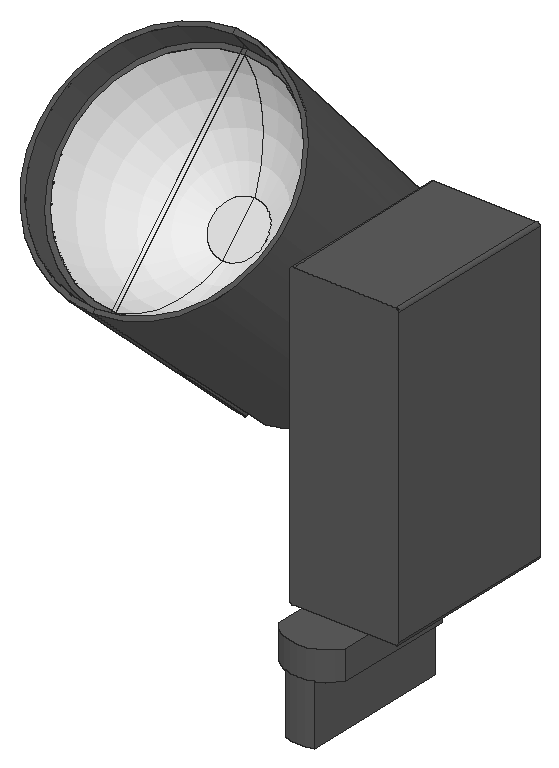
Revit family "0004857 Feilo Sylvania Lighting Fixture START TRACK SPOT L 55W 4K RA80 MB BLACK", category Lighting Fixtures, host Face, Revit 2017
Family settings
  Host = Face
  Round Connector Dimension = Use Diameter
  Part Type = Normal
  OmniClass Number = 23.80.70.00
  OmniClass Title = Lighting
  Cut with Voids When Loaded = No
  Light Source = No
  Shared = No
  Room Calculation Point = No
Parameters (values of type "0004857 START TRACK SPOT L 55W 4K RA80 MB BLACK")
  Weight = "1.398 kg"
  Wattage Comments = ""
  WarrantyStartDate [instance] = "n/a"
  WarrantyGuarantorParts = "n/a"
  WarrantyDurationUnit = "n/a"
  WarrantyDurationParts = "n/a"
  WarrantyDescription = "n/a"
  Voltage = 230 V
  URL = "http://www.sylvania-lighting.com"
  TypeName = "START TRACK SPOT L 55W 4K RA80 MB BLACK"
  TypeHead_FEILO = Start Track Spot Head : 0004857 START TRACK SPOT L 55W 4K RA80 MB BLACK
  TypeBox_FEILO = Start Track Spot Box : Type Large Black
  Type Image = <None>
  Type Comments = "n/a"
  VerticalRotation_FEILO [instance] = 0.00°
  SlideEndAngle_FEILO [instance] = VerticalRotation_FEILO + 180.00°  # 180.00°
  SerialNumber [instance] = "n/a"
  Material_3_FEILO = none
  PowerFactor = 0.96
  PowerConsumption = "55 W"
  NominalLength = 0 mm
  NominalHeight = 240 mm
  NominalDepth = 164 mm
  Name = "START TRACK SPOT L 55W 4K RA80 MB BLACK"
  ModelReference = Name  # "START TRACK SPOT L 55W 4K RA80 MB BLACK"
  ModelNumber = "0004857"
  Model = Name  # "START TRACK SPOT L 55W 4K RA80 MB BLACK"
  Material = "adc12 aluminium housing, polycarbonate diffuser"
  ManufacturerName = "Feilo Sylvania"
  Manufacturer = "Feilo Sylvania"
  LuminousEfficacy = "98 lm/W"
  LuminaireType = ""
  LightOutputRatio = "100"
  LampsType = Lamp  # "LED"
  LampNominalLuminous = "5378 lm"
  LampMacAdamStep = "3"
  LampColourTemperature = "4000 K"
  LampColourRenderingIndex = "80"
  Lamp = "LED"
  Keynote = "16500"
  InstallationDate [instance] = "n/a"
  InputVoltage = "230-240V~"
  InputNominalFrequency = "50/60 Hz"
  IngressProtection = "IP20"
  ImpactProtectionIndex = "IK02"
  IfcExportType = "IfcLightFixtureType"
  IfcExportAs = "IfcLightFixtureType"
  HorizontalRotation_FEILO [instance] = 45.00°
  ExpectedLife = 50000
  ElectricShockClassification = "Class II"
  DurationUnit = "hours"
  DocumentationLiterature = "http://www.sylvania-lighting.com/product/en-int/products/0004857"
  DimmingControlOptions = "Non dimmable"
  Material_2_FEILO = none
  Description = "Integrated LED spotlight, Textured Black - RAL9005, compact and minimalist design, ideal for retail applications, die-cast aluminium body, passive cooling heatsink. Beam angle: 38°, color temperature: 4000K , total system power: 55W, total fixture output: 5378 lm, LOR: 100%, colour rendering: Ra: 80 typical, LED Chromaticity: 3 step MacAdam ellipse, lifetime: >50000 hours at L70B50, energy class: A++, A+, A, IR/UV free light source without heat radiation, operating voltage: 220-240V / 50-60Hz, drive current: 1400mA, electronic driver, non-dimmable, power factor: 0.96, electrical protection: Class II, Global Track 3 Phase adapter suitable for Global trac 3-circuit tracks, ingress protection rating: IP20, suitable for internal environment only, horizontal rotation: 355°, vertical tilt: 90°, dimensions: Ø113x164x240, weight: 1.398kg."
  Default Elevation = 1219.2 mm
  CreatedOn = "12/12/2017"
  CreatedBy = ""
  Cost = 0
  built-in parameter 1114216 [instance] = (empty or 0)
  ClassificationValue = "EF_70_80"
  ClassificationName = "Uniclass2015"
  Material_1_FEILO = Body-Sylvania-StartTrackSpot-Black
  BarCode [instance] = "n/a"
  AssetType = "Fixed"
  AssetIdentifier [instance] = "n/a"
  Assembly Code = "D5020200"
  Apparent Load = 55 VA
  Material_4_FEILO = none
Reference planes
  plane 1 "Center (Front/Back)": y = 0
  plane 2: z = 0
  plane 3 "Center (Left/Right)": x = 0
  plane 4: x = 15
  plane 5: x = -15
  plane 6: y = 35
  plane 7: y = -35
  plane 8: z = 13
  plane 9: z = -27
  plane 10: x = 6.5
  plane 11: x = -6.5
  plane 12: y = 27
  plane 13: y = -27
  plane 14: y = 20
Forms (mm)
  Extrusion 1, solid, material "Body-Sylvania-StartTrackSpot-Black" <- "Material_1_FEILO"
    sketch origin (0, 0, 0) x (1, 0, 0) y (0, 1, 0)
      loop
        line (-15, 27) -> (-15, -27)
        arc (-15, -27) -> (0, -35) -> (15, -27) r 18.062
        line (15, -27) -> (15, 27)
        arc (15, 27) -> (0, 35) -> (-15, 27) r 18.062
    from 0 to 13
  Extrusion 2, solid, material "Body-Sylvania-StartTrackSpot-Black" <- "Material_1_FEILO"
    sketch origin (0, 0, 0) x (1, 0, 0) y (0, 1, 0)
      loop
        arc (6.5, 33.79) -> (0, 35) -> (-6.5, 33.79) r 18.062
        line (-6.5, 33.79) -> (-6.5, -33.79)
        arc (-6.5, -33.79) -> (0, -35) -> (6.5, -33.79) r 18.062
        line (6.5, -33.79) -> (6.5, 33.79)
    from 0 to -27
  Revolve 3, solid, not visible
    sketch origin (1524, 20, 1219.2) x (1, 0, 0) y (0, 0, 1)
      loop
        line (-1524, -1206.2) -> (-1524, -1191.285) -> (-1530.5, -1191.285) -> (-1530.5, -1206.2) -> (-1524, -1206.2)
      axis (-1524, -1191.285) -> (-1524, -1206.2)
    angle from 0 <- "VerticalRotation_FEILO" to 180 <- "SlideEndAngle_FEILO"
Cuts and joins
  joined: Extrusion 1, Extrusion 2
Dimensions and locks
  equal spacing: plane 10, plane 3 "Center (Left/Right)", plane 11
  equal spacing: plane 4, plane 3 "Center (Left/Right)", plane 5
  locked: plane 8 to plane 2 at 13
  locked: plane 8 to plane 9 at 40
  equal spacing: plane 13, plane 1 "Center (Front/Back)", plane 12
  locked: plane 12 to plane 6 at 8
  locked: plane 14 to plane 6 at 15
  locked: Revolve 3 sketch curve to plane 8 at 14.915
  aligned and locked: plane 2 to host face
  aligned and locked: level to host face
  aligned and locked: plane 5 to Extrusion 1 sketch curve  (x2)
  aligned and locked: plane 12 to Extrusion 1 sketch curve
  aligned and locked: plane 13 to Extrusion 1 sketch curve
  aligned and locked: plane 4 to Extrusion 1 sketch curve
  aligned and locked: Extrusion 1 to plane 8
  aligned and locked: Extrusion 1 to level
  aligned and locked: Extrusion 2 sketch curve to Extrusion 1  (x2)
  aligned and locked: Extrusion 2 sketch curve to plane 11
  aligned and locked: plane 10 to Extrusion 2 sketch curve
  aligned and locked: plane 9 to Extrusion 2
  aligned and locked: level to Extrusion 2
  aligned and locked: Revolve 3 sketch curve to plane 3 "Center (Left/Right)"  (x2)
  aligned and locked: plane 11 to Revolve 3 sketch curve
  aligned and locked: Revolve 3 sketch curve to plane 8
Automatic sketch dimensions
  host sketch curve to host sketch curve = 2438.4 mm  (x2)
  Extrusion 1 sketch curve to plane 3 "Center (Left/Right)" = 0 mm  (x2)
  Extrusion 1 sketch curve to plane 13 = 10.062 mm
  plane 12 to Extrusion 1 sketch curve = 10.062 mm
  Revolve 3 sketch curve to plane 3 "Center (Left/Right)" = 0 mm
  plane 9 to Revolve 3 sketch curve = 582.6 mm
  Revolve 3 sketch curve to Revolve 3 sketch curve = 2581.144 mm
Nested families
  nested 1: "Start Track Spot Head" at (-75.5, 20, 133) x (0, 0.7071, 0.7071) z (0, 0.7071, -0.7071), type <- "TypeHead_FEILO", type "0004857 START TRACK SPOT L 55W 4K RA80 MB BLACK"
    with built-in parameter 1114216 (empty or 0)
  nested 2: "Start Track Spot Box" at (8.5, 20, 85) x (-1, 0, 0) z (0, -1, 0), BoxStartAngle_FEILO <- "HorizontalRotation_FEILO", type <- "TypeBox_FEILO", type "Type Large Black"
    with BoxStartAngle_FEILO 45.00°, BoxEndAngle_FEILO -135.00°
Connectors
  electrical at (0, 0, 0), driven by "Apparent Load", driven by "PowerFactor", driven by "Voltage"
    settings: index 1, voltage 230 V, apparent load 55 VA, apparent load phase1 0 VA, apparent load phase2 0 VA, apparent load phase3 0 VA, power factor 0.96, load classification "Lighting", number of poles 1, system type 30, power factor state 1, is connector primary yes, connector utility no, sub classification motor no, connector description ""
Definition of nested family "Start Track Spot Head"
  Parameters (values of type "0004811 START TRACK SPOT S 14W 3K RA80 NB WHITE")
    Wattage Comments = "n/a"
    Wattage = 14 W
    built-in parameter 1150110 = 1 (stored number, unit not read)
    URL = "http://www.feilosylvania.com"
    Type Image = (empty or 0)
    Type Comments = "n/a"
    built-in parameter 1114217 = 1 (stored number, unit not read)
    Tilt Angle = -90.00°
    built-in parameter 1150109 = 1 (stored number, unit not read)
    built-in parameter 1150134 = (empty or 0)
    built-in parameter 1150113 = 1 (stored number, unit not read)
    Photometric Web File = "0004811.ies"
    Material_3_FEILO = none
    Model = "START TRACK SPOT S 14W 3K RA80 NB WHITE"
    Manufacturer = "Feilo Sylvania"
    built-in parameter 1150105 = 123.66 (stored number, unit not read)
    Lumens = 1554 lm
    built-in parameter 1150115 = 1 (stored number, unit not read)
    built-in parameter 1150137 = (empty or 0)
    built-in parameter 1150139 = (empty or 0)
    built-in parameter 1150112 = 1 (stored number, unit not read)
    built-in parameter 1150114 = 1 (stored number, unit not read)
    Lamp = "LED"
    Keynote = "16500"
    Material_2_FEILO = none
    built-in parameter 1150132 = (empty or 0)
    built-in parameter 1150102 = (empty or 0)
    built-in parameter 1150107 = 3000 (stored number, unit not read)
    built-in parameter 1150138 = (empty or 0)
    built-in parameter 1150106 = 1.2366 (stored number, unit not read)
    HeadThickness_FEILO = if(HeadDiaOut_FEILO > 112 mm, 2 mm, 1.5 mm)  # 1.5 mm
    HeadRibOffset_FEILO = HeadHeight_FEILO / 28  # 4.179 mm
    HeadRibDepth_FEILO = HeadHeight_FEILO / 2.1  # 55.714 mm
    HeadRibCutWidth_FEILO = HeadDiaOut_FEILO / 12  # 7.167 mm
    HeadRibCutOffset_FEILO = HeadHeight_FEILO / 2.3  # 50.87 mm
    HeadReflectorRadius_FEILO = HeadDiaOut_FEILO / 1.7  # 50.588 mm
    HeadReflectorOffset_FEILO = HeadHeight_FEILO / 2.1  # 55.714 mm
    HeadLEDRadius_FEILO = HeadDiaOut_FEILO / 9  # 9.556 mm
    HeadHeight_FEILO = 117 mm
    HeadDraft_FEILO = 1 mm
    HeadDiffusorThickness_FEILO = 3 mm
    HeadDiffusorOffset_FEILO = HeadHeight_FEILO / 12.4  # 9.435 mm
    HeadDiaOut_FEILO = 86 mm
    HeadDiaIn_FEILO = HeadDiaOut_FEILO / 1.11  # 77.477 mm
    HeadAxisFromTop_FEILO = HeadHeight_FEILO / 1.687  # 69.354 mm
    Emit from Circle Diameter = HeadDiaIn_FEILO  # 77.477 mm
    Emit Shape Visible in Rendering = no
    built-in parameter 1150104 = 10.312 (stored number, unit not read)
    Dimming Lamp Color Temperature Shift = (empty or 0)
    Description = "Integrated LED spotlight, Textured White - RAL9016, compact and minimalist design, ideal for retail applications, die-cast aluminium body, passive cooling heatsink. Beam angle: 12°, color temperature: 3000K , total system power: 14W, total fixture output: 1551 lm, LOR: 100%, colour rendering: Ra: 80 typical, LED Chromaticity: 3 step MacAdam ellipse, lifetime: >50000 hours at L70B50, energy class: A++, A+, A, IR/UV free light source without heat radiation, operating voltage: 220-240V / 50-60Hz, drive current: 350mA, electronic driver, non-dimmable, power factor: 0.92, electrical protection: Class II, Global Track 3 Phase adapter suitable for Global trac 3-circuit tracks, ingress protection rating: IP20, suitable for internal environment only, horizontal rotation: 355°, vertical tilt: 90°, dimensions: Ø86x140x200, weight: 0.940kg."
    Default Elevation = 1219.2 mm
    Cost = 0
    Color Filter = 16777215
    built-in parameter 1114216 [instance] = (empty or 0)
    Material_1_FEILO = none
    built-in parameter 1114218 = 1 (stored number, unit not read)
    built-in parameter 1150133 = 10 (stored number, unit not read)
    Assembly Code = "D5020200"
    Apparent Load = 14 VA
    Material_4_FEILO = none
  Types (96, lengths in mm): name | Wattage | built-in parameter 1150134 | Photometric Web File | Model | built-in parameter 1150105 | Lumens | built-in parameter 1150107 | built-in parameter 1150106 | HeadThickness_FEILO | HeadRibOffset_FEILO | HeadRibDepth_FEILO | HeadRibCutWidth_FEILO | HeadRibCutOffset_FEILO | HeadReflectorRadius_FEILO | HeadReflectorOffset_FEILO | HeadLEDRadius_FEILO | HeadHeight_FEILO | HeadDiffusorOffset_FEILO | HeadDiaOut_FEILO | HeadDiaIn_FEILO | HeadAxisFromTop_FEILO | Emit from Circle Diameter | built-in parameter 1150104 | Description | Apparent Load
    0004906 START TRACK SPOT L 55W 4K RA90 WB BLACK | 55 W | 12 | "0004906.ies" | "START TRACK SPOT L 55W 4K RA90 WB BLACK" | 385.15 (stored number, unit not read) | 4840 lm | 4000 (stored number, unit not read) | 3.8515 (stored number, unit not read) | 2 | 4.429 | 59.048 | 9.417 | 53.913 | 66.471 | 59.048 | 12.556 | 124 | 10 | 113 | 101.802 | 73.503 | 101.802 | 8.1755 (stored number, unit not read) | "Integrated LED spotlight, Textured Black - RAL9005, compact and minimalist design, ideal for retail applications, die-cast aluminium body, passive cooling heatsink. Beam angle: 52°, color temperature: 4000K , total system power: 55W, total fixture output: 4824 lm, LOR: 100%, colour rendering: Ra: 90 typical, LED Chromaticity: 3 step MacAdam ellipse, lifetime: >50000 hours at L70B50, energy class: A++, A+, A, IR/UV free light source without heat radiation, operating voltage: 220-240V / 50-60Hz, drive current: 1400mA, electronic driver, non-dimmable, power factor: 0.96, electrical protection: Class II, Global Track 3 Phase adapter suitable for Global trac 3-circuit tracks, ingress protection rating: IP20, suitable for internal environment only, horizontal rotation: 355°, vertical tilt: 90°, dimensions: Ø113x164x240, weight: 1.398kg." | 55 VA
    0004905 START TRACK SPOT L 55W 4K RA90 MB BLACK | 55 W | 12 | "0004905.ies" | "START TRACK SPOT L 55W 4K RA90 MB BLACK" | 389.53 (stored number, unit not read) | 4895 lm | 4000 (stored number, unit not read) | 3.8953 (stored number, unit not read) | 2 | 4.429 | 59.048 | 9.417 | 53.913 | 66.471 | 59.048 | 12.556 | 124 | 10 | 113 | 101.802 | 73.503 | 101.802 | 8.2684 (stored number, unit not read) | "Integrated LED spotlight, Textured Black - RAL9005, compact and minimalist design, ideal for retail applications, die-cast aluminium body, passive cooling heatsink. Beam angle: 38°, color temperature: 4000K , total system power: 55W, total fixture output: 4897 lm, LOR: 100%, colour rendering: Ra: 90 typical, LED Chromaticity: 3 step MacAdam ellipse, lifetime: >50000 hours at L70B50, energy class: A++, A+, A, IR/UV free light source without heat radiation, operating voltage: 220-240V / 50-60Hz, drive current: 1400mA, electronic driver, non-dimmable, power factor: 0.96, electrical protection: Class II, Global Track 3 Phase adapter suitable for Global trac 3-circuit tracks, ingress protection rating: IP20, suitable for internal environment only, horizontal rotation: 355°, vertical tilt: 90°, dimensions: Ø113x164x240, weight: 1.398kg." | 55 VA
    0004904 START TRACK SPOT L 55W 4K RA90 NB BLACK | 55 W | 12 | "0004904.ies" | "START TRACK SPOT L 55W 4K RA90 NB BLACK" | 393.91 (stored number, unit not read) | 4950 lm | 4000 (stored number, unit not read) | 3.9391 (stored number, unit not read) | 2 | 4.429 | 59.048 | 9.417 | 53.913 | 66.471 | 59.048 | 12.556 | 124 | 10 | 113 | 101.802 | 73.503 | 101.802 | 8.3613 (stored number, unit not read) | "Integrated LED spotlight, Textured Black - RAL9005, compact and minimalist design, ideal for retail applications, die-cast aluminium body, passive cooling heatsink. Beam angle: 15°, color temperature: 4000K , total system power: 55W, total fixture output: 4965 lm, LOR: 100%, colour rendering: Ra: 90 typical, LED Chromaticity: 3 step MacAdam ellipse, lifetime: >50000 hours at L70B50, energy class: A++, A+, A, IR/UV free light source without heat radiation, operating voltage: 220-240V / 50-60Hz, drive current: 1400mA, electronic driver, non-dimmable, power factor: 0.96, electrical protection: Class II, Global Track 3 Phase adapter suitable for Global trac 3-circuit tracks, ingress protection rating: IP20, suitable for internal environment only, horizontal rotation: 355°, vertical tilt: 90°, dimensions: Ø113x164x240, weight: 1.398kg." | 55 VA
    0004903 START TRACK SPOT L 35W 4K RA90 WB BLACK | 35 W | 12 | "0004903.ies" | "START TRACK SPOT L 35W 4K RA90 WB BLACK" | 284.09 (stored number, unit not read) | 3570 lm | 4000 (stored number, unit not read) | 2.8409 (stored number, unit not read) | 2 | 4.429 | 59.048 | 9.417 | 53.913 | 66.471 | 59.048 | 12.556 | 124 | 10 | 113 | 101.802 | 73.503 | 101.802 | 9.4761 (stored number, unit not read) | "Integrated LED spotlight, Textured Black - RAL9005, compact and minimalist design, ideal for retail applications, die-cast aluminium body, passive cooling heatsink. Beam angle: 52°, color temperature: 4000K , total system power: 35W, total fixture output: 3562 lm, LOR: 100%, colour rendering: Ra: 90 typical, LED Chromaticity: 3 step MacAdam ellipse, lifetime: >50000 hours at L70B50, energy class: A++, A+, A, IR/UV free light source without heat radiation, operating voltage: 220-240V / 50-60Hz, drive current: 900mA, electronic driver, non-dimmable, power factor: 0.93, electrical protection: Class II, Global Track 3 Phase adapter suitable for Global trac 3-circuit tracks, ingress protection rating: IP20, suitable for internal environment only, horizontal rotation: 355°, vertical tilt: 90°, dimensions: Ø113x164x240, weight: 1.368kg." | 35 VA
    0004902 START TRACK SPOT L 35W 4K RA90 MB BLACK | 35 W | 12 | "0004902.ies" | "START TRACK SPOT L 35W 4K RA90 MB BLACK" | 286.88 (stored number, unit not read) | 3605 lm | 4000 (stored number, unit not read) | 2.8688 (stored number, unit not read) | 2 | 4.429 | 59.048 | 9.417 | 53.913 | 66.471 | 59.048 | 12.556 | 124 | 10 | 113 | 101.802 | 73.503 | 101.802 | 9.569 (stored number, unit not read) | "Integrated LED spotlight, Textured Black - RAL9005, compact and minimalist design, ideal for retail applications, die-cast aluminium body, passive cooling heatsink. Beam angle: 38°, color temperature: 4000K , total system power: 35W, total fixture output: 3616 lm, LOR: 100%, colour rendering: Ra: 90 typical, LED Chromaticity: 3 step MacAdam ellipse, lifetime: >50000 hours at L70B50, energy class: A++, A+, A, IR/UV free light source without heat radiation, operating voltage: 220-240V / 50-60Hz, drive current: 900mA, electronic driver, non-dimmable, power factor: 0.93, electrical protection: Class II, Global Track 3 Phase adapter suitable for Global trac 3-circuit tracks, ingress protection rating: IP20, suitable for internal environment only, horizontal rotation: 355°, vertical tilt: 90°, dimensions: Ø113x164x240, weight: 1.368kg." | 35 VA
    0004901 START TRACK SPOT L 35W 4K RA90 NB BLACK | 35 W | 12 | "0004901.ies" | "START TRACK SPOT L 35W 4K RA90 NB BLACK" | 286.88 (stored number, unit not read) | 3605 lm | 4000 (stored number, unit not read) | 2.8688 (stored number, unit not read) | 2 | 4.429 | 59.048 | 9.417 | 53.913 | 66.471 | 59.048 | 12.556 | 124 | 10 | 113 | 101.802 | 73.503 | 101.802 | 9.569 (stored number, unit not read) | "Integrated LED spotlight, Textured Black - RAL9005, compact and minimalist design, ideal for retail applications, die-cast aluminium body, passive cooling heatsink. Beam angle: 15°, color temperature: 4000K , total system power: 35W, total fixture output: 3593 lm, LOR: 100%, colour rendering: Ra: 90 typical, LED Chromaticity: 3 step MacAdam ellipse, lifetime: >50000 hours at L70B50, energy class: A++, A+, A, IR/UV free light source without heat radiation, operating voltage: 220-240V / 50-60Hz, drive current: 900mA, electronic driver, non-dimmable, power factor: 0.93, electrical protection: Class II, Global Track 3 Phase adapter suitable for Global trac 3-circuit tracks, ingress protection rating: IP20, suitable for internal environment only, horizontal rotation: 355°, vertical tilt: 90°, dimensions: Ø113x164x240, weight: 1.368kg." | 35 VA
    0004900 START TRACK SPOT S 24W 4K RA90 WB BLACK | 24 W | 12 | "0004900.ies" | "START TRACK SPOT S 24W 4K RA90 WB BLACK" | 166.16 (stored number, unit not read) | 2088 lm | 4000 (stored number, unit not read) | 1.6616 (stored number, unit not read) | 1.5 | 4.179 | 55.714 | 7.167 | 50.87 | 50.588 | 55.714 | 9.556 | 117 | 9.435 | 86 | 77.477 | 69.354 | 77.477 | 8.0826 (stored number, unit not read) | "Integrated LED spotlight, Textured Black - RAL9005, compact and minimalist design, ideal for retail applications, die-cast aluminium body, passive cooling heatsink. Beam angle: 64°, color temperature: 4000K , total system power: 24W, total fixture output: 2087 lm, LOR: 100%, colour rendering: Ra: 90 typical, LED Chromaticity: 3 step MacAdam ellipse, lifetime: >50000 hours at L70B50, energy class: A++, A+, A, IR/UV free light source without heat radiation, operating voltage: 220-240V / 50-60Hz, drive current: 600mA, electronic driver, non-dimmable, power factor: 0.95, electrical protection: Class II, Global Track 3 Phase adapter suitable for Global trac 3-circuit tracks, ingress protection rating: IP20, suitable for internal environment only, horizontal rotation: 355°, vertical tilt: 90°, dimensions: Ø86x140x200, weight: 0.966kg." | 24 VA
    0004899 START TRACK SPOT S 24W 4K RA90 MB BLACK | 24 W | 12 | "0004899.ies" | "START TRACK SPOT S 24W 4K RA90 MB BLACK" | 169.98 (stored number, unit not read) | 2136 lm | 4000 (stored number, unit not read) | 1.6998 (stored number, unit not read) | 1.5 | 4.179 | 55.714 | 7.167 | 50.87 | 50.588 | 55.714 | 9.556 | 117 | 9.435 | 86 | 77.477 | 69.354 | 77.477 | 8.2684 (stored number, unit not read) | "Integrated LED spotlight, Textured Black - RAL9005, compact and minimalist design, ideal for retail applications, die-cast aluminium body, passive cooling heatsink. Beam angle: 36°, color temperature: 4000K , total system power: 24W, total fixture output: 2141 lm, LOR: 100%, colour rendering: Ra: 90 typical, LED Chromaticity: 3 step MacAdam ellipse, lifetime: >50000 hours at L70B50, energy class: A++, A+, A, IR/UV free light source without heat radiation, operating voltage: 220-240V / 50-60Hz, drive current: 600mA, electronic driver, non-dimmable, power factor: 0.95, electrical protection: Class II, Global Track 3 Phase adapter suitable for Global trac 3-circuit tracks, ingress protection rating: IP20, suitable for internal environment only, horizontal rotation: 355°, vertical tilt: 90°, dimensions: Ø86x140x200, weight: 0.966kg." | 24 VA
    0004898 START TRACK SPOT S 24W 4K RA90 NB BLACK | 24 W | 12 | "0004898.ies" | "START TRACK SPOT S 24W 4K RA90 NB BLACK" | 171.89 (stored number, unit not read) | 2160 lm | 4000 (stored number, unit not read) | 1.7189 (stored number, unit not read) | 1.5 | 4.179 | 55.714 | 7.167 | 50.87 | 50.588 | 55.714 | 9.556 | 117 | 9.435 | 86 | 77.477 | 69.354 | 77.477 | 8.3613 (stored number, unit not read) | "Integrated LED spotlight, Textured Black - RAL9005, compact and minimalist design, ideal for retail applications, die-cast aluminium body, passive cooling heatsink. Beam angle: 12°, color temperature: 4000K , total system power: 24W, total fixture output: 2155 lm, LOR: 100%, colour rendering: Ra: 90 typical, LED Chromaticity: 3 step MacAdam ellipse, lifetime: >50000 hours at L70B50, energy class: A++, A+, A, IR/UV free light source without heat radiation, operating voltage: 220-240V / 50-60Hz, drive current: 600mA, electronic driver, non-dimmable, power factor: 0.95, electrical protection: Class II, Global Track 3 Phase adapter suitable for Global trac 3-circuit tracks, ingress protection rating: IP20, suitable for internal environment only, horizontal rotation: 355°, vertical tilt: 90°, dimensions: Ø86x140x200, weight: 0.966kg." | 24 VA
    0004897 START TRACK SPOT S 14W 4K RA90 WB BLACK | 14 W | 12 | "0004897.ies" | "START TRACK SPOT S 14W 4K RA90 WB BLACK" | 108.07 (stored number, unit not read) | 1358 lm | 4000 (stored number, unit not read) | 1.0807 (stored number, unit not read) | 1.5 | 4.179 | 55.714 | 7.167 | 50.87 | 50.588 | 55.714 | 9.556 | 117 | 9.435 | 86 | 77.477 | 69.354 | 77.477 | 9.0116 (stored number, unit not read) | "Integrated LED spotlight, Textured Black - RAL9005, compact and minimalist design, ideal for retail applications, die-cast aluminium body, passive cooling heatsink. Beam angle: 64°, color temperature: 4000K , total system power: 14W, total fixture output: 1352 lm, LOR: 100%, colour rendering: Ra: 90 typical, LED Chromaticity: 3 step MacAdam ellipse, lifetime: >50000 hours at L70B50, energy class: A++, A+, A, IR/UV free light source without heat radiation, operating voltage: 220-240V / 50-60Hz, drive current: 350mA, electronic driver, non-dimmable, power factor: 0.92, electrical protection: Class II, Global Track 3 Phase adapter suitable for Global trac 3-circuit tracks, ingress protection rating: IP20, suitable for internal environment only, horizontal rotation: 355°, vertical tilt: 90°, dimensions: Ø86x140x200, weight: 0.940kg." | 14 VA
    0004896 START TRACK SPOT S 14W 4K RA90 MB BLACK | 14 W | 12 | "0004896.ies" | "START TRACK SPOT S 14W 4K RA90 MB BLACK" | 108.07 (stored number, unit not read) | 1358 lm | 4000 (stored number, unit not read) | 1.0807 (stored number, unit not read) | 1.5 | 4.179 | 55.714 | 7.167 | 50.87 | 50.588 | 55.714 | 9.556 | 117 | 9.435 | 86 | 77.477 | 69.354 | 77.477 | 9.0116 (stored number, unit not read) | "Integrated LED spotlight, Textured Black - RAL9005, compact and minimalist design, ideal for retail applications, die-cast aluminium body, passive cooling heatsink. Beam angle: 36°, color temperature: 4000K , total system power: 14W, total fixture output: 1359 lm, LOR: 100%, colour rendering: Ra: 90 typical, LED Chromaticity: 3 step MacAdam ellipse, lifetime: >50000 hours at L70B50, energy class: A++, A+, A, IR/UV free light source without heat radiation, operating voltage: 220-240V / 50-60Hz, drive current: 350mA, electronic driver, non-dimmable, power factor: 0.92, electrical protection: Class II, Global Track 3 Phase adapter suitable for Global trac 3-circuit tracks, ingress protection rating: IP20, suitable for internal environment only, horizontal rotation: 355°, vertical tilt: 90°, dimensions: Ø86x140x200, weight: 0.940kg." | 14 VA
    0004895 START TRACK SPOT S 14W 4K RA90 NB BLACK | 14 W | 12 | "0004895.ies" | "START TRACK SPOT S 14W 4K RA90 NB BLACK" | 106.95 (stored number, unit not read) | 1344 lm | 4000 (stored number, unit not read) | 1.0695 (stored number, unit not read) | 1.5 | 4.179 | 55.714 | 7.167 | 50.87 | 50.588 | 55.714 | 9.556 | 117 | 9.435 | 86 | 77.477 | 69.354 | 77.477 | 8.9187 (stored number, unit not read) | "Integrated LED spotlight, Textured Black - RAL9005, compact and minimalist design, ideal for retail applications, die-cast aluminium body, passive cooling heatsink. Beam angle: 12°, color temperature: 4000K , total system power: 14W, total fixture output: 1349 lm, LOR: 100%, colour rendering: Ra: 90 typical, LED Chromaticity: 3 step MacAdam ellipse, lifetime: >50000 hours at L70B50, energy class: A++, A+, A, IR/UV free light source without heat radiation, operating voltage: 220-240V / 50-60Hz, drive current: 350mA, electronic driver, non-dimmable, power factor: 0.92, electrical protection: Class II, Global Track 3 Phase adapter suitable for Global trac 3-circuit tracks, ingress protection rating: IP20, suitable for internal environment only, horizontal rotation: 355°, vertical tilt: 90°, dimensions: Ø86x140x200, weight: 0.940kg." | 14 VA
    0004894 START TRACK SPOT L 55W 3K RA90 WB BLACK | 55 W | (empty or 0) | "0004894.ies" | "START TRACK SPOT L 55W 3K RA90 WB BLACK" | 350.14 (stored number, unit not read) | 4400 lm | 3000 (stored number, unit not read) | 3.5014 (stored number, unit not read) | 2 | 4.429 | 59.048 | 9.417 | 53.913 | 66.471 | 59.048 | 12.556 | 124 | 10 | 113 | 101.802 | 73.503 | 101.802 | 7.4322 (stored number, unit not read) | "Integrated LED spotlight, Textured Black - RAL9005, compact and minimalist design, ideal for retail applications, die-cast aluminium body, passive cooling heatsink. Beam angle: 52°, color temperature: 3000K , total system power: 55W, total fixture output: 4405 lm, LOR: 100%, colour rendering: Ra: 90 typical, LED Chromaticity: 3 step MacAdam ellipse, lifetime: >50000 hours at L70B50, energy class: A++, A+, A, IR/UV free light source without heat radiation, operating voltage: 220-240V / 50-60Hz, drive current: 1400mA, electronic driver, non-dimmable, power factor: 0.96, electrical protection: Class II, Global Track 3 Phase adapter suitable for Global trac 3-circuit tracks, ingress protection rating: IP20, suitable for internal environment only, horizontal rotation: 355°, vertical tilt: 90°, dimensions: Ø113x164x240, weight: 1.398kg." | 55 VA
    0004893 START TRACK SPOT L 55W 3K RA90 MB BLACK | 55 W | (empty or 0) | "0004893.ies" | "START TRACK SPOT L 55W 3K RA90 MB BLACK" | 354.52 (stored number, unit not read) | 4455 lm | 3000 (stored number, unit not read) | 3.5452 (stored number, unit not read) | 2 | 4.429 | 59.048 | 9.417 | 53.913 | 66.471 | 59.048 | 12.556 | 124 | 10 | 113 | 101.802 | 73.503 | 101.802 | 7.5251 (stored number, unit not read) | "Integrated LED spotlight, Textured Black - RAL9005, compact and minimalist design, ideal for retail applications, die-cast aluminium body, passive cooling heatsink. Beam angle: 38°, color temperature: 3000K , total system power: 55W, total fixture output: 4448 lm, LOR: 100%, colour rendering: Ra: 90 typical, LED Chromaticity: 3 step MacAdam ellipse, lifetime: >50000 hours at L70B50, energy class: A++, A+, A, IR/UV free light source without heat radiation, operating voltage: 220-240V / 50-60Hz, drive current: 1400mA, electronic driver, non-dimmable, power factor: 0.96, electrical protection: Class II, Global Track 3 Phase adapter suitable for Global trac 3-circuit tracks, ingress protection rating: IP20, suitable for internal environment only, horizontal rotation: 355°, vertical tilt: 90°, dimensions: Ø113x164x240, weight: 1.398kg." | 55 VA
    0004892 START TRACK SPOT L 55W 3K RA90 NB BLACK | 55 W | (empty or 0) | "0004892.ies" | "START TRACK SPOT L 55W 3K RA90 NB BLACK" | 350.14 (stored number, unit not read) | 4400 lm | 3000 (stored number, unit not read) | 3.5014 (stored number, unit not read) | 2 | 4.429 | 59.048 | 9.417 | 53.913 | 66.471 | 59.048 | 12.556 | 124 | 10 | 113 | 101.802 | 73.503 | 101.802 | 7.4322 (stored number, unit not read) | "Integrated LED spotlight, Textured Black - RAL9005, compact and minimalist design, ideal for retail applications, die-cast aluminium body, passive cooling heatsink. Beam angle: 15°, color temperature: 3000K , total system power: 55W, total fixture output: 4416 lm, LOR: 100%, colour rendering: Ra: 90 typical, LED Chromaticity: 3 step MacAdam ellipse, lifetime: >50000 hours at L70B50, energy class: A++, A+, A, IR/UV free light source without heat radiation, operating voltage: 220-240V / 50-60Hz, drive current: 1400mA, electronic driver, non-dimmable, power factor: 0.96, electrical protection: Class II, Global Track 3 Phase adapter suitable for Global trac 3-circuit tracks, ingress protection rating: IP20, suitable for internal environment only, horizontal rotation: 355°, vertical tilt: 90°, dimensions: Ø113x164x240, weight: 1.398kg." | 55 VA
    0004891 START TRACK SPOT L 35W 3K RA90 WB BLACK | 35 W | (empty or 0) | "0004891.ies" | "START TRACK SPOT L 35W 3K RA90 WB BLACK" | 259.02 (stored number, unit not read) | 3255 lm | 3000 (stored number, unit not read) | 2.5902 (stored number, unit not read) | 2 | 4.429 | 59.048 | 9.417 | 53.913 | 66.471 | 59.048 | 12.556 | 124 | 10 | 113 | 101.802 | 73.503 | 101.802 | 8.64 (stored number, unit not read) | "Integrated LED spotlight, Textured Black - RAL9005, compact and minimalist design, ideal for retail applications, die-cast aluminium body, passive cooling heatsink. Beam angle: 52°, color temperature: 3000K , total system power: 35W, total fixture output: 3260 lm, LOR: 100%, colour rendering: Ra: 90 typical, LED Chromaticity: 3 step MacAdam ellipse, lifetime: >50000 hours at L70B50, energy class: A++, A+, A, IR/UV free light source without heat radiation, operating voltage: 220-240V / 50-60Hz, drive current: 900mA, electronic driver, non-dimmable, power factor: 0.93, electrical protection: Class II, Global Track 3 Phase adapter suitable for Global trac 3-circuit tracks, ingress protection rating: IP20, suitable for internal environment only, horizontal rotation: 355°, vertical tilt: 90°, dimensions: Ø113x164x240, weight: 1.368kg." | 35 VA
    0004890 START TRACK SPOT L 35W 3K RA90 MB BLACK | 35 W | (empty or 0) | "0004890.ies" | "START TRACK SPOT L 35W 3K RA90 MB BLACK" | 261.81 (stored number, unit not read) | 3290 lm | 3000 (stored number, unit not read) | 2.6181 (stored number, unit not read) | 2 | 4.429 | 59.048 | 9.417 | 53.913 | 66.471 | 59.048 | 12.556 | 124 | 10 | 113 | 101.802 | 73.503 | 101.802 | 8.7329 (stored number, unit not read) | "Integrated LED spotlight, Textured Black - RAL9005, compact and minimalist design, ideal for retail applications, die-cast aluminium body, passive cooling heatsink. Beam angle: 38°, color temperature: 3000K , total system power: 35W, total fixture output: 3306 lm, LOR: 100%, colour rendering: Ra: 90 typical, LED Chromaticity: 3 step MacAdam ellipse, lifetime: >50000 hours at L70B50, energy class: A++, A+, A, IR/UV free light source without heat radiation, operating voltage: 220-240V / 50-60Hz, drive current: 900mA, electronic driver, non-dimmable, power factor: 0.93, electrical protection: Class II, Global Track 3 Phase adapter suitable for Global trac 3-circuit tracks, ingress protection rating: IP20, suitable for internal environment only, horizontal rotation: 355°, vertical tilt: 90°, dimensions: Ø113x164x240, weight: 1.368kg." | 35 VA
    0004889 START TRACK SPOT L 35W 3K RA90 NB BLACK | 35 W | (empty or 0) | "0004889.ies" | "START TRACK SPOT L 35W 3K RA90 NB BLACK" | 261.81 (stored number, unit not read) | 3290 lm | 3000 (stored number, unit not read) | 2.6181 (stored number, unit not read) | 2 | 4.429 | 59.048 | 9.417 | 53.913 | 66.471 | 59.048 | 12.556 | 124 | 10 | 113 | 101.802 | 73.503 | 101.802 | 8.7329 (stored number, unit not read) | "Integrated LED spotlight, Textured Black - RAL9005, compact and minimalist design, ideal for retail applications, die-cast aluminium body, passive cooling heatsink. Beam angle: 15°, color temperature: 3000K , total system power: 35W, total fixture output: 3287 lm, LOR: 100%, colour rendering: Ra: 90 typical, LED Chromaticity: 3 step MacAdam ellipse, lifetime: >50000 hours at L70B50, energy class: A++, A+, A, IR/UV free light source without heat radiation, operating voltage: 220-240V / 50-60Hz, drive current: 900mA, electronic driver, non-dimmable, power factor: 0.93, electrical protection: Class II, Global Track 3 Phase adapter suitable for Global trac 3-circuit tracks, ingress protection rating: IP20, suitable for internal environment only, horizontal rotation: 355°, vertical tilt: 90°, dimensions: Ø113x164x240, weight: 1.368kg." | 35 VA
    0004888 START TRACK SPOT S 24W 3K RA90 WB BLACK | 24 W | (empty or 0) | "0004888.ies" | "START TRACK SPOT S 24W 3K RA90 WB BLACK" | 152.79 (stored number, unit not read) | 1920 lm | 3000 (stored number, unit not read) | 1.5279 (stored number, unit not read) | 1.5 | 4.179 | 55.714 | 7.167 | 50.87 | 50.588 | 55.714 | 9.556 | 117 | 9.435 | 86 | 77.477 | 69.354 | 77.477 | 7.4322 (stored number, unit not read) | "Integrated LED spotlight, Textured Black - RAL9005, compact and minimalist design, ideal for retail applications, die-cast aluminium body, passive cooling heatsink. Beam angle: 64°, color temperature: 3000K , total system power: 24W, total fixture output: 1928 lm, LOR: 100%, colour rendering: Ra: 90 typical, LED Chromaticity: 3 step MacAdam ellipse, lifetime: >50000 hours at L70B50, energy class: A++, A+, A, IR/UV free light source without heat radiation, operating voltage: 220-240V / 50-60Hz, drive current: 600mA, electronic driver, non-dimmable, power factor: 0.95, electrical protection: Class II, Global Track 3 Phase adapter suitable for Global trac 3-circuit tracks, ingress protection rating: IP20, suitable for internal environment only, horizontal rotation: 355°, vertical tilt: 90°, dimensions: Ø86x140x200, weight: 0.966kg." | 24 VA
    0004887 START TRACK SPOT S 24W 3K RA90 MB BLACK | 24 W | (empty or 0) | "0004887.ies" | "START TRACK SPOT S 24W 3K RA90 MB BLACK" | 154.7 (stored number, unit not read) | 1944 lm | 3000 (stored number, unit not read) | 1.547 (stored number, unit not read) | 1.5 | 4.179 | 55.714 | 7.167 | 50.87 | 50.588 | 55.714 | 9.556 | 117 | 9.435 | 86 | 77.477 | 69.354 | 77.477 | 7.5251 (stored number, unit not read) | "Integrated LED spotlight, Textured Black - RAL9005, compact and minimalist design, ideal for retail applications, die-cast aluminium body, passive cooling heatsink. Beam angle: 36°, color temperature: 3000K , total system power: 24W, total fixture output: 1944 lm, LOR: 100%, colour rendering: Ra: 90 typical, LED Chromaticity: 3 step MacAdam ellipse, lifetime: >50000 hours at L70B50, energy class: A++, A+, A, IR/UV free light source without heat radiation, operating voltage: 220-240V / 50-60Hz, drive current: 600mA, electronic driver, non-dimmable, power factor: 0.95, electrical protection: Class II, Global Track 3 Phase adapter suitable for Global trac 3-circuit tracks, ingress protection rating: IP20, suitable for internal environment only, horizontal rotation: 355°, vertical tilt: 90°, dimensions: Ø86x140x200, weight: 0.966kg." | 24 VA
    0004886 START TRACK SPOT S 24W 3K RA90 NB BLACK | 24 W | (empty or 0) | "0004886.ies" | "START TRACK SPOT S 24W 3K RA90 NB BLACK" | 158.52 (stored number, unit not read) | 1992 lm | 3000 (stored number, unit not read) | 1.5852 (stored number, unit not read) | 1.5 | 4.179 | 55.714 | 7.167 | 50.87 | 50.588 | 55.714 | 9.556 | 117 | 9.435 | 86 | 77.477 | 69.354 | 77.477 | 7.711 (stored number, unit not read) | "Integrated LED spotlight, Textured Black - RAL9005, compact and minimalist design, ideal for retail applications, die-cast aluminium body, passive cooling heatsink. Beam angle: 12°, color temperature: 3000K , total system power: 24W, total fixture output: 1987 lm, LOR: 100%, colour rendering: Ra: 90 typical, LED Chromaticity: 3 step MacAdam ellipse, lifetime: >50000 hours at L70B50, energy class: A++, A+, A, IR/UV free light source without heat radiation, operating voltage: 220-240V / 50-60Hz, drive current: 600mA, electronic driver, non-dimmable, power factor: 0.95, electrical protection: Class II, Global Track 3 Phase adapter suitable for Global trac 3-circuit tracks, ingress protection rating: IP20, suitable for internal environment only, horizontal rotation: 355°, vertical tilt: 90°, dimensions: Ø86x140x200, weight: 0.966kg." | 24 VA
    0004885 START TRACK SPOT S 14W 3K RA90 WB BLACK | 14 W | (empty or 0) | "0004885.ies" | "START TRACK SPOT S 14W 3K RA90 WB BLACK" | 100.27 (stored number, unit not read) | 1260 lm | 3000 (stored number, unit not read) | 1.0027 (stored number, unit not read) | 1.5 | 4.179 | 55.714 | 7.167 | 50.87 | 50.588 | 55.714 | 9.556 | 117 | 9.435 | 86 | 77.477 | 69.354 | 77.477 | 8.3613 (stored number, unit not read) | "Integrated LED spotlight, Textured Black - RAL9005, compact and minimalist design, ideal for retail applications, die-cast aluminium body, passive cooling heatsink. Beam angle: 64°, color temperature: 3000K , total system power: 14W, total fixture output: 1262 lm, LOR: 100%, colour rendering: Ra: 90 typical, LED Chromaticity: 3 step MacAdam ellipse, lifetime: >50000 hours at L70B50, energy class: A++, A+, A, IR/UV free light source without heat radiation, operating voltage: 220-240V / 50-60Hz, drive current: 350mA, electronic driver, non-dimmable, power factor: 0.92, electrical protection: Class II, Global Track 3 Phase adapter suitable for Global trac 3-circuit tracks, ingress protection rating: IP20, suitable for internal environment only, horizontal rotation: 355°, vertical tilt: 90°, dimensions: Ø86x140x200, weight: 0.940kg." | 14 VA
    0004884 START TRACK SPOT S 14W 3K RA90 MB BLACK | 14 W | (empty or 0) | "0004884.ies" | "START TRACK SPOT S 14W 3K RA90 MB BLACK" | 100.27 (stored number, unit not read) | 1260 lm | 3000 (stored number, unit not read) | 1.0027 (stored number, unit not read) | 1.5 | 4.179 | 55.714 | 7.167 | 50.87 | 50.588 | 55.714 | 9.556 | 117 | 9.435 | 86 | 77.477 | 69.354 | 77.477 | 8.3613 (stored number, unit not read) | "Integrated LED spotlight, Textured Black - RAL9005, compact and minimalist design, ideal for retail applications, die-cast aluminium body, passive cooling heatsink. Beam angle: 36°, color temperature: 3000K , total system power: 14W, total fixture output: 1262 lm, LOR: 100%, colour rendering: Ra: 90 typical, LED Chromaticity: 3 step MacAdam ellipse, lifetime: >50000 hours at L70B50, energy class: A++, A+, A, IR/UV free light source without heat radiation, operating voltage: 220-240V / 50-60Hz, drive current: 350mA, electronic driver, non-dimmable, power factor: 0.92, electrical protection: Class II, Global Track 3 Phase adapter suitable for Global trac 3-circuit tracks, ingress protection rating: IP20, suitable for internal environment only, horizontal rotation: 355°, vertical tilt: 90°, dimensions: Ø86x140x200, weight: 0.940kg." | 14 VA
    0004883 START TRACK SPOT S 14W 3K RA90 NB BLACK | 14 W | (empty or 0) | "0004883.ies" | "START TRACK SPOT S 14W 3K RA90 NB BLACK" | 102.5 (stored number, unit not read) | 1288 lm | 3000 (stored number, unit not read) | 1.025 (stored number, unit not read) | 1.5 | 4.179 | 55.714 | 7.167 | 50.87 | 50.588 | 55.714 | 9.556 | 117 | 9.435 | 86 | 77.477 | 69.354 | 77.477 | 8.5471 (stored number, unit not read) | "Integrated LED spotlight, Textured Black - RAL9005, compact and minimalist design, ideal for retail applications, die-cast aluminium body, passive cooling heatsink. Beam angle: 12°, color temperature: 3000K , total system power: 14W, total fixture output: 1284 lm, LOR: 100%, colour rendering: Ra: 90 typical, LED Chromaticity: 3 step MacAdam ellipse, lifetime: >50000 hours at L70B50, energy class: A++, A+, A, IR/UV free light source without heat radiation, operating voltage: 220-240V / 50-60Hz, drive current: 350mA, electronic driver, non-dimmable, power factor: 0.92, electrical protection: Class II, Global Track 3 Phase adapter suitable for Global trac 3-circuit tracks, ingress protection rating: IP20, suitable for internal environment only, horizontal rotation: 355°, vertical tilt: 90°, dimensions: Ø86x140x200, weight: 0.940kg." | 14 VA
    0004882 START TRACK SPOT L 55W 4K RA90 WB WHITE | 55 W | 12 | "0004882.ies" | "START TRACK SPOT L 55W 4K RA90 WB WHITE" | 385.15 (stored number, unit not read) | 4840 lm | 4000 (stored number, unit not read) | 3.8515 (stored number, unit not read) | 2 | 4.429 | 59.048 | 9.417 | 53.913 | 66.471 | 59.048 | 12.556 | 124 | 10 | 113 | 101.802 | 73.503 | 101.802 | 8.1755 (stored number, unit not read) | "Integrated LED spotlight, Textured White - RAL9016, compact and minimalist design, ideal for retail applications, die-cast aluminium body, passive cooling heatsink. Beam angle: 52°, color temperature: 4000K , total system power: 55W, total fixture output: 4824 lm, LOR: 100%, colour rendering: Ra: 90 typical, LED Chromaticity: 3 step MacAdam ellipse, lifetime: >50000 hours at L70B50, energy class: A++, A+, A, IR/UV free light source without heat radiation, operating voltage: 220-240V / 50-60Hz, drive current: 1400mA, electronic driver, non-dimmable, power factor: 0.96, electrical protection: Class II, Global Track 3 Phase adapter suitable for Global trac 3-circuit tracks, ingress protection rating: IP20, suitable for internal environment only, horizontal rotation: 355°, vertical tilt: 90°, dimensions: Ø113x164x240, weight: 1.398kg." | 55 VA
    0004881 START TRACK SPOT L 55W 4K RA90 MB WHITE | 55 W | 12 | "0004881.ies" | "START TRACK SPOT L 55W 4K RA90 MB WHITE" | 389.53 (stored number, unit not read) | 4895 lm | 4000 (stored number, unit not read) | 3.8953 (stored number, unit not read) | 2 | 4.429 | 59.048 | 9.417 | 53.913 | 66.471 | 59.048 | 12.556 | 124 | 10 | 113 | 101.802 | 73.503 | 101.802 | 8.2684 (stored number, unit not read) | "Integrated LED spotlight, Textured White - RAL9016, compact and minimalist design, ideal for retail applications, die-cast aluminium body, passive cooling heatsink. Beam angle: 38°, color temperature: 4000K , total system power: 55W, total fixture output: 4897 lm, LOR: 100%, colour rendering: Ra: 90 typical, LED Chromaticity: 3 step MacAdam ellipse, lifetime: >50000 hours at L70B50, energy class: A++, A+, A, IR/UV free light source without heat radiation, operating voltage: 220-240V / 50-60Hz, drive current: 1400mA, electronic driver, non-dimmable, power factor: 0.96, electrical protection: Class II, Global Track 3 Phase adapter suitable for Global trac 3-circuit tracks, ingress protection rating: IP20, suitable for internal environment only, horizontal rotation: 355°, vertical tilt: 90°, dimensions: Ø113x164x240, weight: 1.398kg." | 55 VA
    0004880 START TRACK SPOT L 55W 4K RA90 NB WHITE | 55 W | 12 | "0004880.ies" | "START TRACK SPOT L 55W 4K RA90 NB WHITE" | 393.91 (stored number, unit not read) | 4950 lm | 4000 (stored number, unit not read) | 3.9391 (stored number, unit not read) | 2 | 4.429 | 59.048 | 9.417 | 53.913 | 66.471 | 59.048 | 12.556 | 124 | 10 | 113 | 101.802 | 73.503 | 101.802 | 8.3613 (stored number, unit not read) | "Integrated LED spotlight, Textured White - RAL9016, compact and minimalist design, ideal for retail applications, die-cast aluminium body, passive cooling heatsink. Beam angle: 15°, color temperature: 4000K , total system power: 55W, total fixture output: 4965 lm, LOR: 100%, colour rendering: Ra: 90 typical, LED Chromaticity: 3 step MacAdam ellipse, lifetime: >50000 hours at L70B50, energy class: A++, A+, A, IR/UV free light source without heat radiation, operating voltage: 220-240V / 50-60Hz, drive current: 1400mA, electronic driver, non-dimmable, power factor: 0.96, electrical protection: Class II, Global Track 3 Phase adapter suitable for Global trac 3-circuit tracks, ingress protection rating: IP20, suitable for internal environment only, horizontal rotation: 355°, vertical tilt: 90°, dimensions: Ø113x164x240, weight: 1.398kg." | 55 VA
    0004879 START TRACK SPOT L 35W 4K RA90 WB WHITE | 35 W | 12 | "0004879.ies" | "START TRACK SPOT L 35W 4K RA90 WB WHITE" | 284.09 (stored number, unit not read) | 3570 lm | 4000 (stored number, unit not read) | 2.8409 (stored number, unit not read) | 2 | 4.429 | 59.048 | 9.417 | 53.913 | 66.471 | 59.048 | 12.556 | 124 | 10 | 113 | 101.802 | 73.503 | 101.802 | 9.4761 (stored number, unit not read) | "Integrated LED spotlight, Textured White - RAL9016, compact and minimalist design, ideal for retail applications, die-cast aluminium body, passive cooling heatsink. Beam angle: 52°, color temperature: 4000K , total system power: 35W, total fixture output: 3562 lm, LOR: 100%, colour rendering: Ra: 90 typical, LED Chromaticity: 3 step MacAdam ellipse, lifetime: >50000 hours at L70B50, energy class: A++, A+, A, IR/UV free light source without heat radiation, operating voltage: 220-240V / 50-60Hz, drive current: 900mA, electronic driver, non-dimmable, power factor: 0.93, electrical protection: Class II, Global Track 3 Phase adapter suitable for Global trac 3-circuit tracks, ingress protection rating: IP20, suitable for internal environment only, horizontal rotation: 355°, vertical tilt: 90°, dimensions: Ø113x164x240, weight: 1.368kg." | 35 VA
    0004878 START TRACK SPOT L 35W 4K RA90 MB WHITE | 35 W | 12 | "0004878.ies" | "START TRACK SPOT L 35W 4K RA90 MB WHITE" | 286.88 (stored number, unit not read) | 3605 lm | 4000 (stored number, unit not read) | 2.8688 (stored number, unit not read) | 2 | 4.429 | 59.048 | 9.417 | 53.913 | 66.471 | 59.048 | 12.556 | 124 | 10 | 113 | 101.802 | 73.503 | 101.802 | 9.569 (stored number, unit not read) | "Integrated LED spotlight, Textured White - RAL9016, compact and minimalist design, ideal for retail applications, die-cast aluminium body, passive cooling heatsink. Beam angle: 38°, color temperature: 4000K , total system power: 35W, total fixture output: 3616 lm, LOR: 100%, colour rendering: Ra: 90 typical, LED Chromaticity: 3 step MacAdam ellipse, lifetime: >50000 hours at L70B50, energy class: A++, A+, A, IR/UV free light source without heat radiation, operating voltage: 220-240V / 50-60Hz, drive current: 900mA, electronic driver, non-dimmable, power factor: 0.93, electrical protection: Class II, Global Track 3 Phase adapter suitable for Global trac 3-circuit tracks, ingress protection rating: IP20, suitable for internal environment only, horizontal rotation: 355°, vertical tilt: 90°, dimensions: Ø113x164x240, weight: 1.368kg." | 35 VA
    0004877 START TRACK SPOT L 35W 4K RA90 NB WHITE | 35 W | 12 | "0004877.ies" | "START TRACK SPOT L 35W 4K RA90 NB WHITE" | 286.88 (stored number, unit not read) | 3605 lm | 4000 (stored number, unit not read) | 2.8688 (stored number, unit not read) | 2 | 4.429 | 59.048 | 9.417 | 53.913 | 66.471 | 59.048 | 12.556 | 124 | 10 | 113 | 101.802 | 73.503 | 101.802 | 9.569 (stored number, unit not read) | "Integrated LED spotlight, Textured White - RAL9016, compact and minimalist design, ideal for retail applications, die-cast aluminium body, passive cooling heatsink. Beam angle: 15°, color temperature: 4000K , total system power: 35W, total fixture output: 3593 lm, LOR: 100%, colour rendering: Ra: 90 typical, LED Chromaticity: 3 step MacAdam ellipse, lifetime: >50000 hours at L70B50, energy class: A++, A+, A, IR/UV free light source without heat radiation, operating voltage: 220-240V / 50-60Hz, drive current: 900mA, electronic driver, non-dimmable, power factor: 0.93, electrical protection: Class II, Global Track 3 Phase adapter suitable for Global trac 3-circuit tracks, ingress protection rating: IP20, suitable for internal environment only, horizontal rotation: 355°, vertical tilt: 90°, dimensions: Ø113x164x240, weight: 1.368kg." | 35 VA
    0004876 START TRACK SPOT S 24W 4K RA90 WB WHITE | 24 W | 12 | "0004876.ies" | "START TRACK SPOT S 24W 4K RA90 WB WHITE" | 166.16 (stored number, unit not read) | 2088 lm | 4000 (stored number, unit not read) | 1.6616 (stored number, unit not read) | 1.5 | 4.179 | 55.714 | 7.167 | 50.87 | 50.588 | 55.714 | 9.556 | 117 | 9.435 | 86 | 77.477 | 69.354 | 77.477 | 8.0826 (stored number, unit not read) | "Integrated LED spotlight, Textured White - RAL9016, compact and minimalist design, ideal for retail applications, die-cast aluminium body, passive cooling heatsink. Beam angle: 64°, color temperature: 4000K , total system power: 24W, total fixture output: 2087 lm, LOR: 100%, colour rendering: Ra: 90 typical, LED Chromaticity: 3 step MacAdam ellipse, lifetime: >50000 hours at L70B50, energy class: A++, A+, A, IR/UV free light source without heat radiation, operating voltage: 220-240V / 50-60Hz, drive current: 600mA, electronic driver, non-dimmable, power factor: 0.95, electrical protection: Class II, Global Track 3 Phase adapter suitable for Global trac 3-circuit tracks, ingress protection rating: IP20, suitable for internal environment only, horizontal rotation: 355°, vertical tilt: 90°, dimensions: Ø86x140x200, weight: 0.966kg." | 24 VA
    0004875 START TRACK SPOT S 24W 4K RA90 MB WHITE | 24 W | 12 | "0004875.ies" | "START TRACK SPOT S 24W 4K RA90 MB WHITE" | 169.98 (stored number, unit not read) | 2136 lm | 4000 (stored number, unit not read) | 1.6998 (stored number, unit not read) | 1.5 | 4.179 | 55.714 | 7.167 | 50.87 | 50.588 | 55.714 | 9.556 | 117 | 9.435 | 86 | 77.477 | 69.354 | 77.477 | 8.2684 (stored number, unit not read) | "Integrated LED spotlight, Textured White - RAL9016, compact and minimalist design, ideal for retail applications, die-cast aluminium body, passive cooling heatsink. Beam angle: 36°, color temperature: 4000K , total system power: 24W, total fixture output: 2141 lm, LOR: 100%, colour rendering: Ra: 90 typical, LED Chromaticity: 3 step MacAdam ellipse, lifetime: >50000 hours at L70B50, energy class: A++, A+, A, IR/UV free light source without heat radiation, operating voltage: 220-240V / 50-60Hz, drive current: 600mA, electronic driver, non-dimmable, power factor: 0.95, electrical protection: Class II, Global Track 3 Phase adapter suitable for Global trac 3-circuit tracks, ingress protection rating: IP20, suitable for internal environment only, horizontal rotation: 355°, vertical tilt: 90°, dimensions: Ø86x140x200, weight: 0.966kg." | 24 VA
    0004874 START TRACK SPOT S 24W 4K RA90 NB WHITE | 24 W | 12 | "0004874.ies" | "START TRACK SPOT S 24W 4K RA90 NB WHITE" | 171.89 (stored number, unit not read) | 2160 lm | 4000 (stored number, unit not read) | 1.7189 (stored number, unit not read) | 1.5 | 4.179 | 55.714 | 7.167 | 50.87 | 50.588 | 55.714 | 9.556 | 117 | 9.435 | 86 | 77.477 | 69.354 | 77.477 | 8.3613 (stored number, unit not read) | "Integrated LED spotlight, Textured White - RAL9016, compact and minimalist design, ideal for retail applications, die-cast aluminium body, passive cooling heatsink. Beam angle: 12°, color temperature: 4000K , total system power: 24W, total fixture output: 2155 lm, LOR: 100%, colour rendering: Ra: 90 typical, LED Chromaticity: 3 step MacAdam ellipse, lifetime: >50000 hours at L70B50, energy class: A++, A+, A, IR/UV free light source without heat radiation, operating voltage: 220-240V / 50-60Hz, drive current: 600mA, electronic driver, non-dimmable, power factor: 0.95, electrical protection: Class II, Global Track 3 Phase adapter suitable for Global trac 3-circuit tracks, ingress protection rating: IP20, suitable for internal environment only, horizontal rotation: 355°, vertical tilt: 90°, dimensions: Ø86x140x200, weight: 0.966kg." | 24 VA
    0004873 START TRACK SPOT S 14W 4K RA90 WB WHITE | 14 W | 12 | "0004873.ies" | "START TRACK SPOT S 14W 4K RA90 WB WHITE" | 108.07 (stored number, unit not read) | 1358 lm | 4000 (stored number, unit not read) | 1.0807 (stored number, unit not read) | 1.5 | 4.179 | 55.714 | 7.167 | 50.87 | 50.588 | 55.714 | 9.556 | 117 | 9.435 | 86 | 77.477 | 69.354 | 77.477 | 9.0116 (stored number, unit not read) | "Integrated LED spotlight, Textured White - RAL9016, compact and minimalist design, ideal for retail applications, die-cast aluminium body, passive cooling heatsink. Beam angle: 64°, color temperature: 4000K , total system power: 14W, total fixture output: 1352 lm, LOR: 100%, colour rendering: Ra: 90 typical, LED Chromaticity: 3 step MacAdam ellipse, lifetime: >50000 hours at L70B50, energy class: A++, A+, A, IR/UV free light source without heat radiation, operating voltage: 220-240V / 50-60Hz, drive current: 350mA, electronic driver, non-dimmable, power factor: 0.92, electrical protection: Class II, Global Track 3 Phase adapter suitable for Global trac 3-circuit tracks, ingress protection rating: IP20, suitable for internal environment only, horizontal rotation: 355°, vertical tilt: 90°, dimensions: Ø86x140x200, weight: 0.940kg." | 14 VA
    0004872 START TRACK SPOT S 14W 4K RA90 MB WHITE | 14 W | 12 | "0004872.ies" | "START TRACK SPOT S 14W 4K RA90 MB WHITE" | 108.07 (stored number, unit not read) | 1358 lm | 4000 (stored number, unit not read) | 1.0807 (stored number, unit not read) | 1.5 | 4.179 | 55.714 | 7.167 | 50.87 | 50.588 | 55.714 | 9.556 | 117 | 9.435 | 86 | 77.477 | 69.354 | 77.477 | 9.0116 (stored number, unit not read) | "Integrated LED spotlight, Textured White - RAL9016, compact and minimalist design, ideal for retail applications, die-cast aluminium body, passive cooling heatsink. Beam angle: 36°, color temperature: 4000K , total system power: 14W, total fixture output: 1359 lm, LOR: 100%, colour rendering: Ra: 90 typical, LED Chromaticity: 3 step MacAdam ellipse, lifetime: >50000 hours at L70B50, energy class: A++, A+, A, IR/UV free light source without heat radiation, operating voltage: 220-240V / 50-60Hz, drive current: 350mA, electronic driver, non-dimmable, power factor: 0.92, electrical protection: Class II, Global Track 3 Phase adapter suitable for Global trac 3-circuit tracks, ingress protection rating: IP20, suitable for internal environment only, horizontal rotation: 355°, vertical tilt: 90°, dimensions: Ø86x140x200, weight: 0.940kg." | 14 VA
    0004871 START TRACK SPOT S 14W 4K RA90 NB WHITE | 14 W | 12 | "0004871.ies" | "START TRACK SPOT S 14W 4K RA90 NB WHITE" | 106.95 (stored number, unit not read) | 1344 lm | 4000 (stored number, unit not read) | 1.0695 (stored number, unit not read) | 1.5 | 4.179 | 55.714 | 7.167 | 50.87 | 50.588 | 55.714 | 9.556 | 117 | 9.435 | 86 | 77.477 | 69.354 | 77.477 | 8.9187 (stored number, unit not read) | "Integrated LED spotlight, Textured White - RAL9016, compact and minimalist design, ideal for retail applications, die-cast aluminium body, passive cooling heatsink. Beam angle: 12°, color temperature: 4000K , total system power: 14W, total fixture output: 1349 lm, LOR: 100%, colour rendering: Ra: 90 typical, LED Chromaticity: 3 step MacAdam ellipse, lifetime: >50000 hours at L70B50, energy class: A++, A+, A, IR/UV free light source without heat radiation, operating voltage: 220-240V / 50-60Hz, drive current: 350mA, electronic driver, non-dimmable, power factor: 0.92, electrical protection: Class II, Global Track 3 Phase adapter suitable for Global trac 3-circuit tracks, ingress protection rating: IP20, suitable for internal environment only, horizontal rotation: 355°, vertical tilt: 90°, dimensions: Ø86x140x200, weight: 0.940kg." | 14 VA
    0004870 START TRACK SPOT L 55W 3K RA90 WB WHITE | 55 W | (empty or 0) | "0004870.ies" | "START TRACK SPOT L 55W 3K RA90 WB WHITE" | 350.14 (stored number, unit not read) | 4400 lm | 3000 (stored number, unit not read) | 3.5014 (stored number, unit not read) | 2 | 4.429 | 59.048 | 9.417 | 53.913 | 66.471 | 59.048 | 12.556 | 124 | 10 | 113 | 101.802 | 73.503 | 101.802 | 7.4322 (stored number, unit not read) | "Integrated LED spotlight, Textured White - RAL9016, compact and minimalist design, ideal for retail applications, die-cast aluminium body, passive cooling heatsink. Beam angle: 52°, color temperature: 3000K , total system power: 55W, total fixture output: 4405 lm, LOR: 100%, colour rendering: Ra: 90 typical, LED Chromaticity: 3 step MacAdam ellipse, lifetime: >50000 hours at L70B50, energy class: A++, A+, A, IR/UV free light source without heat radiation, operating voltage: 220-240V / 50-60Hz, drive current: 1400mA, electronic driver, non-dimmable, power factor: 0.96, electrical protection: Class II, Global Track 3 Phase adapter suitable for Global trac 3-circuit tracks, ingress protection rating: IP20, suitable for internal environment only, horizontal rotation: 355°, vertical tilt: 90°, dimensions: Ø113x164x240, weight: 1.398kg." | 55 VA
    0004869 START TRACK SPOT L 55W 3K RA90 MB WHITE | 55 W | (empty or 0) | "0004869.ies" | "START TRACK SPOT L 55W 3K RA90 MB WHITE" | 354.52 (stored number, unit not read) | 4455 lm | 3000 (stored number, unit not read) | 3.5452 (stored number, unit not read) | 2 | 4.429 | 59.048 | 9.417 | 53.913 | 66.471 | 59.048 | 12.556 | 124 | 10 | 113 | 101.802 | 73.503 | 101.802 | 7.5251 (stored number, unit not read) | "Integrated LED spotlight, Textured White - RAL9016, compact and minimalist design, ideal for retail applications, die-cast aluminium body, passive cooling heatsink. Beam angle: 38°, color temperature: 3000K , total system power: 55W, total fixture output: 4448 lm, LOR: 100%, colour rendering: Ra: 90 typical, LED Chromaticity: 3 step MacAdam ellipse, lifetime: >50000 hours at L70B50, energy class: A++, A+, A, IR/UV free light source without heat radiation, operating voltage: 220-240V / 50-60Hz, drive current: 1400mA, electronic driver, non-dimmable, power factor: 0.96, electrical protection: Class II, Global Track 3 Phase adapter suitable for Global trac 3-circuit tracks, ingress protection rating: IP20, suitable for internal environment only, horizontal rotation: 355°, vertical tilt: 90°, dimensions: Ø113x164x240, weight: 1.398kg." | 55 VA
    0004868 START TRACK SPOT L 55W 3K RA90 NB WHITE | 55 W | (empty or 0) | "0004868.ies" | "START TRACK SPOT L 55W 3K RA90 NB WHITE" | 350.14 (stored number, unit not read) | 4400 lm | 3000 (stored number, unit not read) | 3.5014 (stored number, unit not read) | 2 | 4.429 | 59.048 | 9.417 | 53.913 | 66.471 | 59.048 | 12.556 | 124 | 10 | 113 | 101.802 | 73.503 | 101.802 | 7.4322 (stored number, unit not read) | "Integrated LED spotlight, Textured White - RAL9016, compact and minimalist design, ideal for retail applications, die-cast aluminium body, passive cooling heatsink. Beam angle: 15°, color temperature: 3000K , total system power: 55W, total fixture output: 4416 lm, LOR: 100%, colour rendering: Ra: 90 typical, LED Chromaticity: 3 step MacAdam ellipse, lifetime: >50000 hours at L70B50, energy class: A++, A+, A, IR/UV free light source without heat radiation, operating voltage: 220-240V / 50-60Hz, drive current: 1400mA, electronic driver, non-dimmable, power factor: 0.96, electrical protection: Class II, Global Track 3 Phase adapter suitable for Global trac 3-circuit tracks, ingress protection rating: IP20, suitable for internal environment only, horizontal rotation: 355°, vertical tilt: 90°, dimensions: Ø113x164x240, weight: 1.398kg." | 55 VA
    0004867 START TRACK SPOT L 35W 3K RA90 WB WHITE | 35 W | (empty or 0) | "0004867.ies" | "START TRACK SPOT L 35W 3K RA90 WB WHITE" | 259.02 (stored number, unit not read) | 3255 lm | 3000 (stored number, unit not read) | 2.5902 (stored number, unit not read) | 2 | 4.429 | 59.048 | 9.417 | 53.913 | 66.471 | 59.048 | 12.556 | 124 | 10 | 113 | 101.802 | 73.503 | 101.802 | 8.64 (stored number, unit not read) | "Integrated LED spotlight, Textured White - RAL9016, compact and minimalist design, ideal for retail applications, die-cast aluminium body, passive cooling heatsink. Beam angle: 52°, color temperature: 3000K , total system power: 35W, total fixture output: 3260 lm, LOR: 100%, colour rendering: Ra: 90 typical, LED Chromaticity: 3 step MacAdam ellipse, lifetime: >50000 hours at L70B50, energy class: A++, A+, A, IR/UV free light source without heat radiation, operating voltage: 220-240V / 50-60Hz, drive current: 900mA, electronic driver, non-dimmable, power factor: 0.93, electrical protection: Class II, Global Track 3 Phase adapter suitable for Global trac 3-circuit tracks, ingress protection rating: IP20, suitable for internal environment only, horizontal rotation: 355°, vertical tilt: 90°, dimensions: Ø113x164x240, weight: 1.368kg." | 35 VA
    0004866 START TRACK SPOT L 35W 3K RA90 MB WHITE | 35 W | (empty or 0) | "0004866.ies" | "START TRACK SPOT L 35W 3K RA90 MB WHITE" | 261.81 (stored number, unit not read) | 3290 lm | 3000 (stored number, unit not read) | 2.6181 (stored number, unit not read) | 2 | 4.429 | 59.048 | 9.417 | 53.913 | 66.471 | 59.048 | 12.556 | 124 | 10 | 113 | 101.802 | 73.503 | 101.802 | 8.7329 (stored number, unit not read) | "Integrated LED spotlight, Textured White - RAL9016, compact and minimalist design, ideal for retail applications, die-cast aluminium body, passive cooling heatsink. Beam angle: 38°, color temperature: 3000K , total system power: 35W, total fixture output: 3306 lm, LOR: 100%, colour rendering: Ra: 90 typical, LED Chromaticity: 3 step MacAdam ellipse, lifetime: >50000 hours at L70B50, energy class: A++, A+, A, IR/UV free light source without heat radiation, operating voltage: 220-240V / 50-60Hz, drive current: 900mA, electronic driver, non-dimmable, power factor: 0.93, electrical protection: Class II, Global Track 3 Phase adapter suitable for Global trac 3-circuit tracks, ingress protection rating: IP20, suitable for internal environment only, horizontal rotation: 355°, vertical tilt: 90°, dimensions: Ø113x164x240, weight: 1.368kg." | 35 VA
    0004865 START TRACK SPOT L 35W 3K RA90 NB WHITE | 35 W | (empty or 0) | "0004865.ies" | "START TRACK SPOT L 35W 3K RA90 NB WHITE" | 261.81 (stored number, unit not read) | 3290 lm | 3000 (stored number, unit not read) | 2.6181 (stored number, unit not read) | 2 | 4.429 | 59.048 | 9.417 | 53.913 | 66.471 | 59.048 | 12.556 | 124 | 10 | 113 | 101.802 | 73.503 | 101.802 | 8.7329 (stored number, unit not read) | "Integrated LED spotlight, Textured White - RAL9016, compact and minimalist design, ideal for retail applications, die-cast aluminium body, passive cooling heatsink. Beam angle: 15°, color temperature: 3000K , total system power: 35W, total fixture output: 3287 lm, LOR: 100%, colour rendering: Ra: 90 typical, LED Chromaticity: 3 step MacAdam ellipse, lifetime: >50000 hours at L70B50, energy class: A++, A+, A, IR/UV free light source without heat radiation, operating voltage: 220-240V / 50-60Hz, drive current: 900mA, electronic driver, non-dimmable, power factor: 0.93, electrical protection: Class II, Global Track 3 Phase adapter suitable for Global trac 3-circuit tracks, ingress protection rating: IP20, suitable for internal environment only, horizontal rotation: 355°, vertical tilt: 90°, dimensions: Ø113x164x240, weight: 1.368kg." | 35 VA
